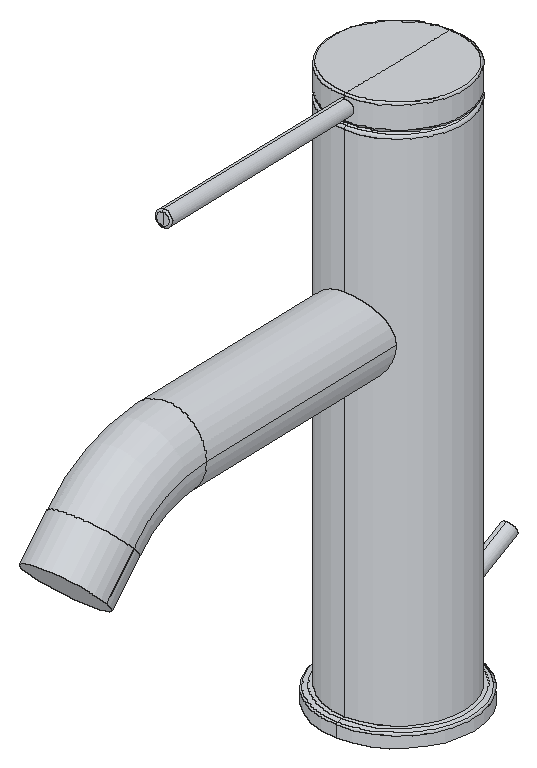
Revit family "Faucet-Lavatory-KOHLER-Components-K-77958", category Plumbing Fixtures, host Face, Revit 2015
Parameters (values of type "CP-Polished Chrome")
  Width = 1 7/8"  # constant formula
  Waste Water Outlet = "Waste Water Outlet"  # constant formula
  Waste Connection = 1 = 0  # no
  Vent Connection = 1 = 0  # no
  URL = "https://www.us.kohler.com/us/"
  Type = 1
  Spout Reach = 5 1/16"  # constant formula
  Product Page URL = "http://www.us.kohler.com/us/catalog/productDetails.jsp?productNumber=77958"
  Product Name = "Components"  # constant formula
  Product Documentation Link = "http://www.us.kohler.com/onlinecatalog/pdf/K-77958_spec.pdf"
  Pressure = 60.00 psi  # constant formula
  Model = if(Type = 1, "K-77958-4A-CP", if(Type = 2, "K-77958-4A-BL", "NA"))  # "K-77958-4A-CP"
  Material = "Premium Metal Construction"  # constant formula
  MasterFormat 2004 = "22.41.39"  # constant formula
  MasterFormat 1995 = "15410"  # constant formula
  Manufacturer Address = "444 Highland Dr, Kohler, WI 53044"  # constant formula
  Manufacturer = "KOHLER Co."  # constant formula
  Length = Spout Reach  # 5 1/16"
  Hot Water Inlet = "Hot Water Inlet"  # constant formula
  Height = 7"  # constant formula
  Handle Clearance = 3 9/16"  # constant formula
  HW Connection = 1 = 1  # yes
  Flow Rate = 1.2 GPM  # constant formula
  Finish = Kohler-Metal-CP-Polished_Chrome
  Faucet Hole Spacing = 0"
  Environmental Product Declaration = ""
  Drain Included = 1 = 1  # yes
  Description = "Single-Handle Bathroom Sink Faucet"  # constant formula
  Default Elevation = 36"
  Declare Label = ""
  Date Modified = "08/23/2018"  # constant formula
  Date Created = "07/09/2018"  # constant formula
  Copyright = "Copyright KOHLER Co."  # constant formula
  Contact Us = "https://www.us.kohler.com/us/static/contact.jsp"
  Cold Water Inlet = "Cold Water Inlet"  # constant formula
  CW Connection = 1 = 1  # yes
  Assembly Code = "D2010"
  ADA Compliant = 1 = 1  # yes
Types (3): name | Type | Model | Finish
  (no name) | 1 | "K-77958-4A-CP" | Kohler-Metal-CP-Polished_Chrome
  CP-Polished Chrome | 1 | "K-77958-4A-CP" | Kohler-Metal-CP-Polished_Chrome
  BL-Matte_Black | 2 | "K-77958-4A-BL" | Kohler-Metal-BL-Matte_Black
Reference planes (in)
  plane 1 "Center (Front/Back)": y = 0
  plane 2: z = 0
  plane 3 "Center (Left/Right)": x = 0
  plane 4: x = -0.9375
  plane 5: x = 0.9375
  plane 6: y = -5.0625
  plane 7: z = 7
  plane 8: y = -3.5625
Dimensions and locks (in)
  equal spacing: plane 4, plane 3 "Center (Left/Right)", plane 5
  "Width": plane 4 to plane 5
  "Length": plane 6 to plane 1 "Center (Front/Back)"  (x2)
  "Height": plane 7 to plane 2
  "Handle Clearance": plane 8 to plane 1 "Center (Front/Back)"
  aligned and locked: plane 2 to host face
  aligned and locked: level to host face
Automatic sketch dimensions
  host sketch curve to host sketch curve = 96"  (x2)
Nested families (in)
  nested 1: "K-77958" at (0, 0, 0), type "K-77958"
Connectors (in)
  piping at (-0.42047, 0, 0), diameter 0.375, driven by "Flow Rate", driven by "Pressure", driven by "HW Connection", driven by "Hot Water Inlet"
    settings: on nested 1, index 1, connector inside diameter 24", connector length 0", flow factor 0, pipe flow 1.2 GPM, pressure drop 60.00 psi, fitting loss kfactor 0, connector angle 0.00°, fixture units 0, engagement length 0", angle of deflection 0.00°, flow configuration 0, flow direction 1, fitting loss method 4, system type 19, joint type 0, gender type 0, connector reference index -1, connector utility 1, adjustable connector no, is connector primary yes, connector description "Hot Water Inlet"
  piping at (0.42047, 0, 0), diameter 0.375, driven by "Flow Rate", driven by "Pressure", driven by "CW Connection", driven by "Cold Water Inlet"
    settings: on nested 1, index 2, connector inside diameter 24", connector length 0", flow factor 0, pipe flow 1.2 GPM, pressure drop 60.00 psi, fitting loss kfactor 0, connector angle 0.00°, fixture units 0, engagement length 0", angle of deflection 0.00°, flow configuration 0, flow direction 1, fitting loss method 4, system type 20, joint type 0, gender type 0, connector reference index -1, connector utility 1, adjustable connector no, is connector primary no, connector description "Cold Water Inlet"
Definition of nested family "K-77958"
  Parameters (values of type "K-77958")
    Material = none
  Reference planes (in)
    plane 1 "Center (Front/Back)": y = 0
    plane 2: z = 0
    plane 3 "Center (Left/Right)": x = 0
    plane 4: z = 7
    plane 5: y = -5.0625
    plane 6: x = -0.9375
    plane 7: x = 0.9375
    plane 8: y = 0.9375
    plane 9: y = -3.5625
  Forms (in)
    Revolve 1, solid, material <- "Material", detail levels medium+fine
      sketch origin (0, 0, 0) x (0, 1, 0) y (0, 0, 1)
        loop
          line (0.9375, 0) -> (0.9375, 0.13853)
          arc (0.9375, 0.13853) -> (0.93256, 0.15279) -> (0.91985, 0.16092) r 0.02303
          line (0.91985, 0.16092) -> (0.86459, 0.17419)
          arc (0.86459, 0.17419) -> (0.8409, 0.17897) -> (0.81693, 0.18202) r 0.3321
          line (0.81693, 0.18202) -> (0.81693, 6.60654)
          arc (0.81693, 6.60654) -> (0.80957, 6.62971) -> (0.7902, 6.6444) r 0.04017
          line (0.7902, 6.6444) -> (0.6758, 6.68504) -> (0.79725, 6.68504)
          arc (0.79725, 6.68504) -> (0.81117, 6.6908) -> (0.81693, 6.70472) r 0.01968
          line (0.81693, 6.70472) -> (0.81693, 6.97853)
          arc (0.81693, 6.97853) -> (0.81064, 6.99371) -> (0.79546, 7) r 0.02147
          line (0.79546, 7) -> (0, 7) -> (0, 0) -> (0.9375, 0)
        axis (0, 0) -> (0, 7)
      angle from 0 to 360
    Sweep 2, solid, material <- "Material"
      path origin (0, 0, 0) x (0, 1, 0) y (0, 0, 1)
        loop
          line (-5.07444, 3.46369) -> (-4.65686, 3.88127)
          arc (-4.65686, 3.88127) -> (-4.14596, 4.22265) -> (-3.54331, 4.34252) r 1.5748
          line (-3.54331, 4.34252) -> (0, 4.34252)
      profile origin (0, -1.77165, 4.34252) x (0, 0, 1) y (1, 0, 0)
        loop
          circle (0, 0) r 0.49213
    Extrusion 3, solid, material <- "Material", detail levels coarse
      sketch origin (0, 0, 0.20312) x (1, 0, 0) y (0, 0, 1)
        loop
          circle (0, 6.64764) r 0.09843
      from 0 to 3.59152
    Revolve 4, solid, material <- "Material", detail levels medium+fine
      sketch origin (0, 0, 0.20312) x (0, 1, 0) y (0, 0, 1)
        loop
          line (-3.59252, 6.64764) -> (0, 6.64764) -> (0, 6.74606) -> (-3.57276, 6.74606)
          arc (-3.57276, 6.74606) -> (-3.58673, 6.74028) -> (-3.59252, 6.72631) r 0.01976
          line (-3.59252, 6.72631) -> (-3.59252, 6.64764)
        axis (-3.59252, 6.64764) -> (0, 6.64764)
      angle from 0 to 360
    Extrusion 5, solid, material <- "Material", detail levels coarse
      sketch origin (0, 0, 0) x (1, 0, 0) y (0, 1, 0)
        loop
          circle (0, 0) r 0.9375
      from 0 to 6.6716
    Extrusion 6, solid, material <- "Material", detail levels coarse
      sketch origin (0, 0, 0) x (1, 0, 0) y (0, 1, 0)
        loop
          circle (0, 0) r 0.9375
      from 6.68504 to 7
    Sweep 7, solid, material <- "Material", detail levels medium+fine
      path origin (0, 0, 0) x (0, 1, 0) y (0, 0, 1)
        loop
          line (0.33179, 1.05137) -> (1.2381, 1.47399)
      profile origin (0, 1.2381, 1.47399) x (0, -0.422618, 0.906308) y (1, 0, 0)
        loop
          circle (0, 0.37336) r 0.09396
    Sweep 8, void
      path origin (0, 0, 0) x (0, 1, 0) y (0, 0, 1)
        loop
          line (0.33179, 1.05137) -> (1.2381, 1.47399)
      profile origin (0, 1.2381, 1.47399) x (0, -0.422618, 0.906308) y (1, 0, 0)
        loop
          circle (0, 0.37336) r 0.17306
    Extrusion 9, solid, material <- "Material", detail levels fine
      sketch origin (0, 0, 0) x (1, 0, 0) y (0, 1, 0)
        loop
          circle (0.42047, 0) r 0.1875
        loop
          circle (-0.42047, 0) r 0.1875
      from 0 to 0.125
  Cuts and joins
    Sweep 8 cuts Revolve 1
    Sweep 8 cuts Revolve 4
    joined: Revolve 1, Revolve 4
    Sweep 8 cuts Extrusion 3
    Sweep 8 cuts Extrusion 5
    Sweep 8 cuts Extrusion 6
    joined: Extrusion 3, Extrusion 5, Extrusion 6
  Lines and regions (in)
    Masking region 1
      outline origin (0, 0, 0) x (1, 0, 0) y (0, 0, 1)
        loop
          line (-0.9375, 0) -> (0.9375, 0) -> (0.9375, 0.13853)
          arc (0.9375, 0.13853) -> (0.93256, 0.15279) -> (0.91985, 0.16092) r 0.02303
          line (0.91985, 0.16092) -> (0.86459, 0.17419)
          arc (0.86459, 0.17419) -> (0.8409, 0.17897) -> (0.81693, 0.18202) r 0.3321
          line (0.81693, 0.18202) -> (0.81693, 6.60654)
          arc (0.81693, 6.60654) -> (0.80957, 6.62971) -> (0.7902, 6.6444) r 0.04017
          line (0.7902, 6.6444) -> (0.6758, 6.68504) -> (0.79725, 6.68504)
          arc (0.79725, 6.68504) -> (0.81117, 6.6908) -> (0.81693, 6.70472) r 0.01968
          line (0.81693, 6.70472) -> (0.81693, 6.97853)
          arc (0.81693, 6.97853) -> (0.81064, 6.99371) -> (0.79546, 7) r 0.02147
          line (0.79546, 7) -> (-0.79546, 7)
          arc (-0.79546, 7) -> (-0.81064, 6.99371) -> (-0.81693, 6.97853) r 0.02147
          line (-0.81693, 6.97853) -> (-0.81693, 6.70472)
          arc (-0.81693, 6.70472) -> (-0.81117, 6.6908) -> (-0.79725, 6.68504) r 0.01968
          line (-0.79725, 6.68504) -> (-0.6758, 6.68504) -> (-0.7902, 6.6444)
          arc (-0.7902, 6.6444) -> (-0.80957, 6.62971) -> (-0.81693, 6.60654) r 0.04017
          line (-0.81693, 6.60654) -> (-0.81693, 0.18202)
          arc (-0.81693, 0.18202) -> (-0.8409, 0.17897) -> (-0.86459, 0.17419) r 0.3321
          line (-0.86459, 0.17419) -> (-0.91985, 0.16092)
          arc (-0.91985, 0.16092) -> (-0.93256, 0.15279) -> (-0.9375, 0.13853) r 0.02303
          line (-0.9375, 0.13853) -> (-0.9375, 0)
    Masking region 2
      outline origin (0, 0, 0) x (0, 1, 0) y (0, 0, 1)
        loop
          line (0.9375, 0) -> (0.9375, 0.13853)
          arc (0.9375, 0.13853) -> (0.93256, 0.15279) -> (0.91985, 0.16092) r 0.02303
          line (0.91985, 0.16092) -> (0.86459, 0.17419)
          arc (0.86459, 0.17419) -> (0.8409, 0.17897) -> (0.81693, 0.18202) r 0.3321
          line (0.81693, 0.18202) -> (0.81693, 1.17392) -> (1.27781, 1.38883) -> (1.19839, 1.55915) -> (0.81693, 1.38127) -> (0.81693, 6.60654)
          arc (0.81693, 6.60654) -> (0.80957, 6.62971) -> (0.7902, 6.6444) r 0.04017
          line (0.7902, 6.6444) -> (0.6758, 6.68504) -> (0.79725, 6.68504)
          arc (0.79725, 6.68504) -> (0.81117, 6.6908) -> (0.81693, 6.70472) r 0.01968
          line (0.81693, 6.70472) -> (0.81693, 6.97853)
          arc (0.81693, 6.97853) -> (0.81064, 6.99371) -> (0.79546, 7) r 0.02147
          line (0.79546, 7) -> (-0.79546, 7)
          arc (-0.79546, 7) -> (-0.81064, 6.99371) -> (-0.81693, 6.97853) r 0.02147
          line (-0.81693, 6.97853) -> (-0.81693, 6.94781) -> (-3.54228, 6.94781)
          arc (-3.54228, 6.94781) -> (-3.55658, 6.94189) -> (-3.5625, 6.92759) r 0.02022
          line (-3.5625, 6.92759) -> (-3.5625, 6.77256)
          arc (-3.5625, 6.77256) -> (-3.55658, 6.75826) -> (-3.54228, 6.75234) r 0.02022
          line (-3.54228, 6.75234) -> (-0.81693, 6.75234) -> (-0.81693, 6.70472)
          arc (-0.81693, 6.70472) -> (-0.81117, 6.6908) -> (-0.79725, 6.68504) r 0.01968
          line (-0.79725, 6.68504) -> (-0.6758, 6.68504) -> (-0.7902, 6.6444)
          arc (-0.7902, 6.6444) -> (-0.80957, 6.62971) -> (-0.81693, 6.60654) r 0.04017
          line (-0.81693, 6.60654) -> (-0.81693, 4.83465) -> (-3.54331, 4.83465)
          arc (-3.54331, 4.83465) -> (-4.33429, 4.67731) -> (-5.00485, 4.22926) r 2.06693
          line (-5.00485, 4.22926) -> (-5.42243, 3.81167) -> (-4.72646, 3.1157) -> (-4.30888, 3.53329)
          arc (-4.30888, 3.53329) -> (-3.95763, 3.76798) -> (-3.54331, 3.85039) r 1.08268
          line (-3.54331, 3.85039) -> (-0.81693, 3.85039) -> (-0.81693, 0.18202)
          arc (-0.81693, 0.18202) -> (-0.8409, 0.17897) -> (-0.86459, 0.17419) r 0.3321
          line (-0.86459, 0.17419) -> (-0.91985, 0.16092)
          arc (-0.91985, 0.16092) -> (-0.93256, 0.15279) -> (-0.9375, 0.13853) r 0.02303
          line (-0.9375, 0.13853) -> (-0.9375, 0) -> (0.9375, 0)
    Masking region 3
      outline origin (0, 0, 0) x (1, 0, 0) y (0, 1, 0)
        loop
          arc (0.49213, -0.79795) -> (0, 0.9375) -> (-0.49213, -0.79795) r 0.9375
          line (-0.49213, -0.79795) -> (-0.49213, -5.07444)
          spline (-0.49213, -5.07444) -> (-0.47536, -5.16451) -> (-0.42619, -5.24844) -> (-0.34799, -5.32051) -> (-0.24606, -5.37581) -> (-0.12737, -5.41057) -> (0, -5.42243) -> (0.12737, -5.41057) -> (0.24606, -5.37581) -> (0.34799, -5.32051) -> (0.42619, -5.24844) -> (0.47536, -5.16451) -> (0.49213, -5.07444)
          line (0.49213, -5.07444) -> (0.49213, -0.79795)
    symbolic lines, detail levels medium+fine
      curve 1: line (-4.87719, 0, 0) -> (-2.98891, 0, 0)
      curve 2: line (-0.81693, 0, 6.60654) -> (0.81693, 0, 6.60654)
      curve 3: line (-0.6758, 0, 6.68504) -> (0.6758, 0, 6.68504)
      curve 4: line (-0.81693, 0, 0.18202) -> (0.81693, 0, 0.18202)
      curve 5: spline (0.49213, 0, 3.46369) -> (0.47536, 0, 3.55375) -> (0.42619, 0, 3.63768) -> (0.34799, 0, 3.70975) -> (0.24606, 0, 3.76505) -> (0.12737, 0, 3.79982) -> (0, 0, 3.81167) -> (-0.12737, 0, 3.79982) -> (-0.24606, 0, 3.76505) -> (-0.34799, 0, 3.70975) -> (-0.42619, 0, 3.63768) -> (-0.47536, 0, 3.55375) -> (-0.49213, 0, 3.46369) -> (-0.47536, 0, 3.37362) -> (-0.42619, 0, 3.28969) -> (-0.34799, 0, 3.21762) -> (-0.24606, 0, 3.16232) -> (-0.12737, 0, 3.12756) -> (0, 0, 3.1157) -> (0.12737, 0, 3.12756) -> (0.24606, 0, 3.16232) -> (0.34799, 0, 3.21762) -> (0.42619, 0, 3.28969) -> (0.47536, 0, 3.37362) -> (0.49213, 0, 3.46369)
      curve 6: arc (0.49213, 0, 4.34252) -> (0, 0, 4.83465) -> (-0.49213, 0, 4.34252) r 0.49213
      curve 7: line (-0.49213, 0, 3.46369) -> (-0.49213, 0, 4.34252)
      curve 8: line (0.49213, 0, 3.46369) -> (0.49213, 0, 4.34252)
      curve 9: circle (0, 0, 6.85076) r 0.09843 normal (0, -1, 0)
      curve 10: line (0, -0.81693, 6.94919) -> (0, -0.81693, 6.75234)
      curve 11: line (0, 0.79725, 6.68504) -> (0, -0.79725, 6.68504)
      curve 12: line (0, 0.81693, 6.60654) -> (0, -0.81693, 6.60654)
      curve 13: line (0, 0.81693, 0.18202) -> (0, -0.81693, 0.18202)
      curve 14: arc (0, -0.81693, 4.83465) -> (0, -0.74828, 4.34252) -> (0, -0.81693, 3.85039) r 1.79829
      curve 15: line (-0.09844, -0.81098, 0) -> (-0.09844, -3.55469, 0)
      curve 16: line (0.09842, -0.81098, 0) -> (0.09842, -3.55358, 0)
      curve 17: circle (0, 0, 0) r 0.81693 normal (0, 0, 1)
      curve 18: line (0.0895, -3.5625, 0) -> (-0.09063, -3.5625, 0)
      curve 19: arc (0.09842, -3.55358, 0) -> (0.09581, -3.55989, 0) -> (0.0895, -3.5625, 0) r 0.00892
      curve 20: arc (-0.09844, -3.55469, 0) -> (-0.09615, -3.56021, 0) -> (-0.09063, -3.5625, 0) r 0.00781
      curve 21: line (-0.49213, -0.79795, 0) -> (-0.49213, -0.65206, 0)
      curve 22: line (0.49213, -0.79795, 0) -> (0.49213, -0.65206, 0)
      curve 23: line (0, 0.72662, 1.04453) -> (0, 0.72662, 1.42644)
      curve 24: line (0, 1.19839, 1.55915) -> (0, 0.63301, 1.29551)
      curve 25: line (0, 1.27781, 1.38883) -> (0, 0.63133, 1.08737)
      curve 26: arc (0, 0.72662, 1.42644) -> (0, 0.74095, 1.4301) -> (0, 0.7553, 1.42649) r 0.0301
      curve 27: arc (0, 0.7553, 1.42649) -> (0, 0.78104, 1.40287) -> (0, 0.79245, 1.36986) r 0.0712
      curve 28: arc (0, 0.75659, 1.07147) -> (0, 0.74352, 1.05587) -> (0, 0.72662, 1.04453) r 0.07226
      curve 29: arc (0, 0.78454, 1.15881) -> (0, 0.77597, 1.11341) -> (0, 0.75659, 1.07147) r 0.18796
  Dimensions and locks (in)
    plane 5 to plane 1 "Center (Front/Back)" = 5 1/16"
    level to plane 4 = 7"
    plane 4 to curve 1 = 7"
    plane 1 "Center (Front/Back)" to plane 9 = 3 9/16"
    aligned and locked: plane 2 to level
